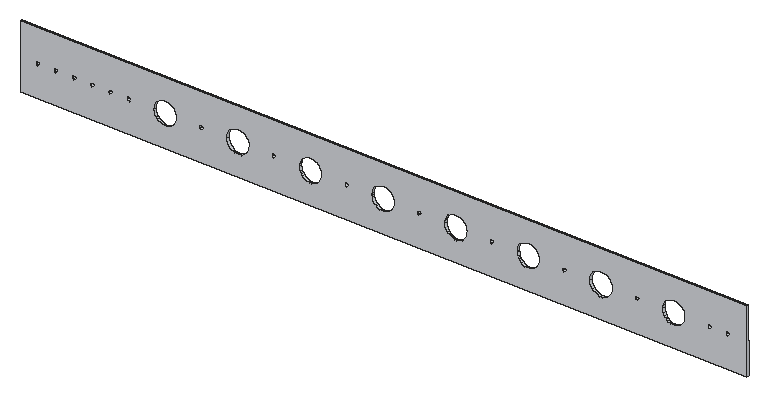
Revit family
Reference planes (in)
  plane 1 "Center (Front/Back)": y = 0
  plane 2: z = 0
  plane 3 "Center (Left/Right)": x = 0
Forms (in)
  Extrusion 1, solid
    sketch origin (0, 0, 0) x (1, 0, 0) y (0, 0, 1)
      loop
        line (-10.9724, 0) -> (9.0276, 0) -> (9.0276, 1.75) -> (-10.9724, 1.75) -> (-10.9724, 0)
    from 0 to 0.0598
  Extrusion 2, void
    sketch origin (0, 0, 0) x (1, 0, 0) y (0, 0, 1)
      loop
        circle (-10.4724, 0.875) r 0.05
    from 0 to 0.0598
  Extrusion 3, void
    sketch origin (0.5, 0, 0) x (1, 0, 0) y (0, 0, 1)
      loop
        circle (-10.4724, 0.875) r 0.05
    from 0 to 0.0598
  Extrusion 4, void
    sketch origin (1, 0, 0) x (1, 0, 0) y (0, 0, 1)
      loop
        circle (-10.4724, 0.875) r 0.05
    from 0 to 0.0598
  Extrusion 5, void
    sketch origin (1.5, 0, 0) x (1, 0, 0) y (0, 0, 1)
      loop
        circle (-10.4724, 0.875) r 0.05
    from 0 to 0.0598
  Extrusion 6, void
    sketch origin (2, 0, 0) x (1, 0, 0) y (0, 0, 1)
      loop
        circle (-10.4724, 0.875) r 0.05
    from 0 to 0.0598
  Extrusion 7, void
    sketch origin (2.5, 0, 0) x (1, 0, 0) y (0, 0, 1)
      loop
        circle (-10.4724, 0.875) r 0.05
    from 0 to 0.0598
  Extrusion 8, void
    sketch origin (0, 0, 0) x (1, 0, 0) y (0, 0, 1)
      loop
        circle (-6.9724, 0.875) r 0.3125
    from 0 to 0.0598
  Extrusion 9, void
    sketch origin (4.5, 0, 0) x (1, 0, 0) y (0, 0, 1)
      loop
        circle (-10.4724, 0.875) r 0.05
    from 0 to 0.0598
  Extrusion 10, void
    sketch origin (2, 0, 0) x (1, 0, 0) y (0, 0, 1)
      loop
        circle (-6.9724, 0.875) r 0.3125
    from 0 to 0.0598
  Extrusion 11, void
    sketch origin (6.5, 0, 0) x (1, 0, 0) y (0, 0, 1)
      loop
        circle (-10.4724, 0.875) r 0.05
    from 0 to 0.0598
  Extrusion 12, void
    sketch origin (4, 0, 0) x (1, 0, 0) y (0, 0, 1)
      loop
        circle (-6.9724, 0.875) r 0.3125
    from 0 to 0.0598
  Extrusion 13, void
    sketch origin (8.5, 0, 0) x (1, 0, 0) y (0, 0, 1)
      loop
        circle (-10.4724, 0.875) r 0.05
    from 0 to 0.0598
  Extrusion 14, void
    sketch origin (6, 0, 0) x (1, 0, 0) y (0, 0, 1)
      loop
        circle (-6.9724, 0.875) r 0.3125
    from 0 to 0.0598
  Extrusion 15, void
    sketch origin (10.5, 0, 0) x (1, 0, 0) y (0, 0, 1)
      loop
        circle (-10.4724, 0.875) r 0.05
    from 0 to 0.0598
  Extrusion 16, void
    sketch origin (8, 0, 0) x (1, 0, 0) y (0, 0, 1)
      loop
        circle (-6.9724, 0.875) r 0.3125
    from 0 to 0.0598
  Extrusion 17, void
    sketch origin (12.5, 0, 0) x (1, 0, 0) y (0, 0, 1)
      loop
        circle (-10.4724, 0.875) r 0.05
    from 0 to 0.0598
  Extrusion 18, void
    sketch origin (10, 0, 0) x (1, 0, 0) y (0, 0, 1)
      loop
        circle (-6.9724, 0.875) r 0.3125
    from 0 to 0.0598
  Extrusion 19, void
    sketch origin (14.5, 0, 0) x (1, 0, 0) y (0, 0, 1)
      loop
        circle (-10.4724, 0.875) r 0.05
    from 0 to 0.0598
  Extrusion 20, void
    sketch origin (12, 0, 0) x (1, 0, 0) y (0, 0, 1)
      loop
        circle (-6.9724, 0.875) r 0.3125
    from 0 to 0.0598
  Extrusion 21, void
    sketch origin (16.5, 0, 0) x (1, 0, 0) y (0, 0, 1)
      loop
        circle (-10.4724, 0.875) r 0.05
    from 0 to 0.0598
  Extrusion 22, void
    sketch origin (14, 0, 0) x (1, 0, 0) y (0, 0, 1)
      loop
        circle (-6.9724, 0.875) r 0.3125
    from 0 to 0.0598
  Extrusion 23, void
    sketch origin (18.5, 0, 0) x (1, 0, 0) y (0, 0, 1)
      loop
        circle (-10.4724, 0.875) r 0.05
    from 0 to 0.0598
  Extrusion 24, void
    sketch origin (19, 0, 0) x (1, 0, 0) y (0, 0, 1)
      loop
        circle (-10.4724, 0.875) r 0.05
    from 0 to 0.0598
Cuts and joins
  Extrusion 2, Extrusion 3, Extrusion 4, Extrusion 5, Extrusion 6, Extrusion 7, Extrusion 8, Extrusion 9, Extrusion 10, Extrusion 11, Extrusion 12, Extrusion 13, Extrusion 14, Extrusion 15, Extrusion 16, Extrusion 17, Extrusion 18, Extrusion 19, Extrusion 20, Extrusion 21, Extrusion 22, Extrusion 23, Extrusion 24 cuts Extrusion 1
Dimensions and locks (in)
  aligned and locked: plane 2 to level
  aligned and locked: Extrusion 1 sketch curve to level
  aligned and locked: Extrusion 2 to plane 1 "Center (Front/Back)"
  aligned and locked: Extrusion 1 to Extrusion 2
  aligned and locked: Extrusion 8 to plane 1 "Center (Front/Back)"
  aligned and locked: Extrusion 1 to Extrusion 8
Connectors (in)
  piping at (-6.9724, -0.0598, 0.875)
    settings: on cut or joined group 1 (Extrusion 1, Extrusion 2, Extrusion 3, Extrusion 4, Extrusion 5, Extrusion 6, Extrusion 7, Extrusion 8, Extrusion 9, Extrusion 10, Extrusion 11, Extrusion 12, Extrusion 13, Extrusion 14, Extrusion 15, Extrusion 16, Extrusion 17, Extrusion 18, Extrusion 19, Extrusion 20, Extrusion 21, Extrusion 22, Extrusion 23, Extrusion 24), index 1, connector radius 1/4", flow factor 0, pipe flow 0 GPM, pressure drop 0.00 psi, fitting loss kfactor 0, connector angle 0.00°, fixture units 0, flow configuration 0, flow direction 0, fitting loss method 0, system type 22, connector reference index -1, connector utility 0, adjustable connector no, is connector primary yes, fitting loss table "", connector description ""
  piping at (-6.9724, 0, 0.875)
    settings: on cut or joined group 1, index 2, connector radius 1/4", flow factor 0, pipe flow 0 GPM, pressure drop 0.00 psi, fitting loss kfactor 0, connector angle 0.00°, fixture units 0, flow configuration 0, flow direction 0, fitting loss method 0, system type 22, connector reference index -1, connector utility 0, adjustable connector no, is connector primary no, fitting loss table "", connector description ""
  piping at (-4.9724, 0, 0.875)
    settings: on cut or joined group 1, index 3, connector radius 1/4", flow factor 0, pipe flow 0 GPM, pressure drop 0.00 psi, fitting loss kfactor 0, connector angle 0.00°, fixture units 0, flow configuration 0, flow direction 0, fitting loss method 0, system type 22, connector reference index -1, connector utility 0, adjustable connector no, is connector primary no, fitting loss table "", connector description ""
  piping at (-4.9724, -0.0598, 0.875)
    settings: on cut or joined group 1, index 4, connector radius 1/4", flow factor 0, pipe flow 0 GPM, pressure drop 0.00 psi, fitting loss kfactor 0, connector angle 0.00°, fixture units 0, flow configuration 0, flow direction 0, fitting loss method 0, system type 22, connector reference index -1, connector utility 0, adjustable connector no, is connector primary no, fitting loss table "", connector description ""
  piping at (-2.9724, 0, 0.875)
    settings: on cut or joined group 1, index 5, connector radius 1/4", flow factor 0, pipe flow 0 GPM, pressure drop 0.00 psi, fitting loss kfactor 0, connector angle 0.00°, fixture units 0, flow configuration 0, flow direction 0, fitting loss method 0, system type 22, connector reference index -1, connector utility 0, adjustable connector no, is connector primary no, fitting loss table "", connector description ""
  piping at (-2.9724, -0.0598, 0.875)
    settings: on cut or joined group 1, index 6, connector radius 1/4", flow factor 0, pipe flow 0 GPM, pressure drop 0.00 psi, fitting loss kfactor 0, connector angle 0.00°, fixture units 0, flow configuration 0, flow direction 0, fitting loss method 0, system type 22, connector reference index -1, connector utility 0, adjustable connector no, is connector primary no, fitting loss table "", connector description ""
  piping at (-0.9724, 0, 0.875)
    settings: on cut or joined group 1, index 7, connector radius 1/4", flow factor 0, pipe flow 0 GPM, pressure drop 0.00 psi, fitting loss kfactor 0, connector angle 0.00°, fixture units 0, flow configuration 0, flow direction 0, fitting loss method 0, system type 22, connector reference index -1, connector utility 0, adjustable connector no, is connector primary no, fitting loss table "", connector description ""
  piping at (-0.9724, -0.0598, 0.875)
    settings: on cut or joined group 1, index 8, connector radius 1/4", flow factor 0, pipe flow 0 GPM, pressure drop 0.00 psi, fitting loss kfactor 0, connector angle 0.00°, fixture units 0, flow configuration 0, flow direction 0, fitting loss method 0, system type 22, connector reference index -1, connector utility 0, adjustable connector no, is connector primary no, fitting loss table "", connector description ""
  piping at (1.0276, 0, 0.875)
    settings: on cut or joined group 1, index 9, connector radius 1/4", flow factor 0, pipe flow 0 GPM, pressure drop 0.00 psi, fitting loss kfactor 0, connector angle 0.00°, fixture units 0, flow configuration 0, flow direction 0, fitting loss method 0, system type 22, connector reference index -1, connector utility 0, adjustable connector no, is connector primary no, fitting loss table "", connector description ""
  piping at (1.0276, -0.0598, 0.875)
    settings: on cut or joined group 1, index 10, connector radius 1/4", flow factor 0, pipe flow 0 GPM, pressure drop 0.00 psi, fitting loss kfactor 0, connector angle 0.00°, fixture units 0, flow configuration 0, flow direction 0, fitting loss method 0, system type 22, connector reference index -1, connector utility 0, adjustable connector no, is connector primary no, fitting loss table "", connector description ""
  piping at (3.0276, 0, 0.875)
    settings: on cut or joined group 1, index 11, connector radius 1/4", flow factor 0, pipe flow 0 GPM, pressure drop 0.00 psi, fitting loss kfactor 0, connector angle 0.00°, fixture units 0, flow configuration 0, flow direction 0, fitting loss method 0, system type 22, connector reference index -1, connector utility 0, adjustable connector no, is connector primary no, fitting loss table "", connector description ""
  piping at (3.0276, -0.0598, 0.875)
    settings: on cut or joined group 1, index 12, connector radius 1/4", flow factor 0, pipe flow 0 GPM, pressure drop 0.00 psi, fitting loss kfactor 0, connector angle 0.00°, fixture units 0, flow configuration 0, flow direction 0, fitting loss method 0, system type 22, connector reference index -1, connector utility 0, adjustable connector no, is connector primary no, fitting loss table "", connector description ""
  piping at (5.0276, 0, 0.875)
    settings: on cut or joined group 1, index 13, connector radius 1/4", flow factor 0, pipe flow 0 GPM, pressure drop 0.00 psi, fitting loss kfactor 0, connector angle 0.00°, fixture units 0, flow configuration 0, flow direction 0, fitting loss method 0, system type 22, connector reference index -1, connector utility 0, adjustable connector no, is connector primary no, fitting loss table "", connector description ""
  piping at (5.0276, -0.0598, 0.875)
    settings: on cut or joined group 1, index 14, connector radius 1/4", flow factor 0, pipe flow 0 GPM, pressure drop 0.00 psi, fitting loss kfactor 0, connector angle 0.00°, fixture units 0, flow configuration 0, flow direction 0, fitting loss method 0, system type 22, connector reference index -1, connector utility 0, adjustable connector no, is connector primary no, fitting loss table "", connector description ""
  piping at (7.0276, 0, 0.875)
    settings: on cut or joined group 1, index 15, connector radius 1/4", flow factor 0, pipe flow 0 GPM, pressure drop 0.00 psi, fitting loss kfactor 0, connector angle 0.00°, fixture units 0, flow configuration 0, flow direction 0, fitting loss method 0, system type 22, connector reference index -1, connector utility 0, adjustable connector no, is connector primary no, fitting loss table "", connector description ""
  piping at (7.0276, -0.0598, 0.875)
    settings: on cut or joined group 1, index 16, connector radius 1/4", flow factor 0, pipe flow 0 GPM, pressure drop 0.00 psi, fitting loss kfactor 0, connector angle 0.00°, fixture units 0, flow configuration 0, flow direction 0, fitting loss method 0, system type 22, connector reference index -1, connector utility 0, adjustable connector no, is connector primary no, fitting loss table "", connector description ""
